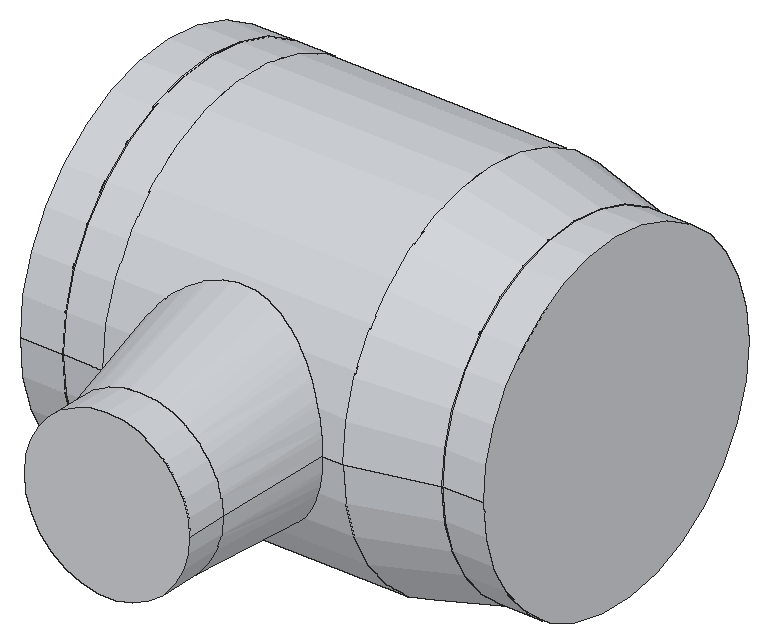
Revit family "M_Round Beveled Tee - DTL", category Duct Fittings, Revit 2014
Parameters (values of type "Standard")
  Tap Inset Label [instance] = 3048 mm + if(Tap Angle 1 < 90.00°, Tap Inset 1, if(Tap Angle 1 = 90.00°, Tap Inset 2, Tap Inset 3))  # 3138 mm
  Tap Inset 3 [instance] = if(Tap Angle 1 > 90.00°, (Tap Base Diameter 1 - Tap Base Center Radius) / sin(180.00° - Tap Angle 1) + Body Radius 1 / tan(180.00° - Tap Angle 1), 0 mm)  # 0 mm
  Tap Inset 2 [instance] = if(Tap Angle 1 = 90.00°, Tap Base Diameter 1 - Tap Base Center Radius, 0 mm)  # 90 mm
  Angle 1 [instance] = atan((Tap Base Center Diameter - Tap Base Diameter 1) / (Tap Length 1 - Tap Length))  # 14.9314°
  Tap Horizontal Profile Offset [instance] = Tap Base Center Radius - Tap Radius  # 50 mm
  Tap Inset 1 [instance] = if(Tap Angle 1 < 90.00°, Tap Base Center Diameter / 2 * sin(Tap Angle 1) + Tap Base Center Diameter / 2 * cos(Tap Angle 1) / tan(Tap Angle 1 - Angle 1) - Body Radius 1 / tan(Tap Angle 1 - Angle 1), 0 mm)  # 0 mm
  Length 1 [instance] = if(Tap Angle 1 < 90.00°, Tap Base Center Radius / tan(Tap Angle 1), if(Tap Angle 1 = 90.00°, 0 mm, (Tap Base Diameter - (Insertion Point Length * sin(180.00° - Tap Angle 1) + Tap Radius)) / tan(180.00° - Tap Angle 1)))  # 0 mm
  Tap Length 3 [instance] = Body Length 1 + Tap Inset  # 125 mm
  Tap Inset [instance] = 25 mm
  Tap Length 2 [instance] = Tap Length 1 + Tap Collar Length  # 425 mm
  Tap Diameter 3 [instance] = if(Tap Angle 1 > 90.00°, 2 * (Tap Base Diameter 1 / 2 + (Tap Base Diameter 1 - Tap Diameter) * Body Radius 1 / (2 * sin(180.00° - Tap Angle 1) * Tap Length) + Tap Base Diameter 1 * (Tap Base Diameter 1 - Tap Diameter) / (2 * tan(180.00° - Tap Angle 1) * Tap Length)) / (1 + (Tap Base Diameter 1 - Tap Diameter) / (2 * tan(180.00° - Tap Angle 1) * Tap Length)), 0 mm)  # 0 mm
  Tap Diameter 2 [instance] = if(Tap Angle 1 < 90.00°, 2 * (Tap Base Diameter 1 / 2 + (Tap Base Diameter 1 - Tap Diameter) * Body Radius 1 / (2 * sin(Tap Angle 1) * Tap Length)) / (1 - (Tap Base Diameter 1 - Tap Diameter) / (2 * tan(Tap Angle 1) * Tap Length)), 0 mm)  # 0 mm
  Tap Diameter 1 [instance] = if(Tap Angle 1 = 90.00°, Body Radius 1 * tan(atan((Tap Base Diameter 1 - Tap Diameter) / Tap Length)) + Tap Base Diameter 1, 0 mm)  # 300 mm
  Body Radius 1 [instance] = if(Radius In > Radius Out, if(not(Body Radius < Radius In), Body Radius, Radius In), if(not(Body Radius < Radius Out), Body Radius, Radius Out))  # 225 mm
  Tap Radius [instance] = 100 mm
  Radius Out [instance] = 200 mm
  Radius In [instance] = 225 mm
  Tap Offset From Center 2 [instance] = if(Tap Offset From Center = 0 mm, 1 mm, 0 mm)  # 1 mm
  Tap Offset From Center 1 [instance] = 3048 mm - Tap Offset From Center  # 3048 mm
  Tap Offset From Center [instance] = 0 mm
  Body Length 2 [instance] = Collar Out + Length Out 1  # 150 mm
  Length Out 1 [instance] = if(Length Out = 0 mm, 2 mm, Length Out)  # 100 mm
  Body Length 1 [instance] = Collar In + Length In 1  # 100 mm
  Length In 1 [instance] = if(Length In = 0 mm, 2 mm, Length In)  # 50 mm
  Collar Out [instance] = 50 mm
  Length Out [instance] = 100 mm
  Collar In [instance] = 50 mm
  Length In [instance] = 50 mm
  Tap Length 1 [instance] = Body Radius 1 / sin(Tap Angle 1) + Tap Length + Length 1  # 375 mm
  Tap Length [instance] = 150 mm
  Length [instance] = 290 mm
  Tap Diameter [instance] = Tap Radius * 2  # 200 mm
  Diameter Out [instance] = Radius Out * 2  # 400 mm
  Diameter In [instance] = Radius In * 2  # 450 mm
  Insertion Point Length [instance] = if(Tap Angle 1 = 90.00°, Tap Base Center Radius - Tap Radius, Tap Horizontal Profile Offset / sin(Tap Angle 1))  # 50 mm
  Tap Coarse Line Length [instance] = if(Tap Angle 1 = 90.00°, Tap Length 2, Tap Length 2 - Tap Horizontal Profile Offset / tan(Tap Angle 1))  # 425 mm
  Tap Collar Length [instance] = 50 mm
  Tap Base Radius 1 [instance] = if(Tap Base Radius > Tap Radius, Tap Base Radius, Tap Radius + 25 mm)  # 120 mm
  Body Radius [instance] = 225 mm
  Body Diameter [instance] = Body Radius * 2  # 450 mm
  Tap Base Radius [instance] = 120 mm
  Tap Base Diameter 1 [instance] = Tap Base Radius 1 * 2  # 240 mm
  Tap Base Diameter [instance] = Tap Base Radius * 2  # 240 mm
  Tap Base Center Radius [instance] = Tap Base Center Diameter / 2  # 150 mm
  Tap Base Center Diameter [instance] = if(Tap Angle 1 < 90.00°, abs(Tap Diameter 2), if(Tap Angle 1 = 90.00°, abs(Tap Diameter 1), abs(Tap Diameter 3)))  # 300 mm
  Tap Angle 1 [instance] = 90.00°
Reference planes
  plane 1 "Center (Front/Back)": y = 0
  plane 2: z = 0
  plane 3 "Center (Left/Right)": x = 0
  plane 4: x = -165
  plane 5: x = 125
  plane 6: x = -215
  plane 7: x = -265
  plane 8: x = 225
  plane 9: x = 275
  plane 10: z = -3048
  plane 11: z = 0
  plane 12: z = -1
  plane 13: x = -50
  plane 14: x = -140
  plane 15: x = -3188
  plane 16: x = -214.008
  plane 17: x = 224.008
Forms (mm)
  Sweep 1, solid, detail levels medium+fine
    path in 3D
      loop
        line (-265, 0, 0) -> (-214.008, 0, 0)
    profile origin (-239.504, 0, 0) x (0, 1, 0) y (0, 0, 1)
      loop
        circle (0, 0) r 225
  Sweep 2, solid, detail levels medium+fine
    path in 3D
      loop
        line (-165, 0, 0) -> (125, 0, 0)
    profile origin (-20, 0, 0) x (0, 1, 0) y (0, 0, 1)
      loop
        circle (0, 0) r 225
  Sweep 3, solid, detail levels medium+fine
    path in 3D
      loop
        line (224.008, 0, 0) -> (275, 0, 0)
    profile origin (249.504, 0, 0) x (0, 1, 0) y (0, 0, 1)
      loop
        circle (0, 0) r 200
  SweptBlend 4, solid, detail levels medium+fine
    path in 3D
      loop
        line (-50, 0, 0) -> (-50, -375, 0)
    profile "M_Duct - Round : Duct - Base Center Radius" origin (-50, 0, 0) x (1, 0, 0) y (0, 0, 1)
      loop
        circle (0, 0) r 150
    end profile "M_Duct - Round : Duct - Round" origin (-50, -375, 0) x (1, 0, 0) y (0, 0, 1)
      loop
        circle (50, 0) r 100
  Sweep 5, solid, detail levels medium+fine
    path in 3D
      loop
        line (-50, 0, 0) -> (-50, -425, 0)
    profile "M_Duct - Round : Duct - Round" origin (-50, -212.5, 0) x (1, 0, 0) y (0, 0, 1)
      loop
        circle (50, 0) r 100
  Blend 6, solid, detail levels medium+fine
    base sketch origin (0, 0, 0) x (0, 1, 0) y (0, 0, 1)
      loop
        circle (0, 0) r 225
    top sketch origin (0, 0, 0) x (0, 1, 0) y (0, 0, 1)
      loop
        circle (0, 0) r 225
    from -215 to -165
  Blend 7, solid, detail levels medium+fine
    base sketch origin (0, 0, 0) x (0, 1, 0) y (0, 0, 1)
      loop
        circle (0, 0) r 200
    top sketch origin (0, 0, 0) x (0, 1, 0) y (0, 0, 1)
      loop
        circle (0, 0) r 225
    from 225 to 125
Cuts and joins
  joined: Sweep 2, SweptBlend 4, Sweep 5, Blend 6, Blend 7
Lines and regions (mm)
  reference lines
    curve 1: line (-265, 0, 0) -> (-214.008, 0, 0)
    curve 2: line (224.008, 0, 0) -> (275, 0, 0)
    curve 3: line (-165, 0, 0) -> (125, 0, 0)
    curve 8: line (-50, 0, 0) -> (-50, -375, 0)
    curve 10: line (-50, 0, 0) -> (-50, -425, 0)
  sketch lines
    curve 4: line (-265, 0, 0) -> (-214.008, 0, 0)
    curve 5: line (-165, 0, 0) -> (125, 0, 0)
    curve 6: line (224.008, 0, 0) -> (275, 0, 0)
    curve 9: line (-50, 0, 0) -> (-50, -375, 0)
    curve 11: line (-50, 0, 0) -> (-50, -425, 0)
  model lines, detail levels coarse
    curve 7: line (0, 0, 0) -> (0, 0, -1)
    curve 12: line (0, 0, 0) -> (0, -425, 0)
    curve 13: line (-265, 0, 0) -> (275, 0, 0)
Dimensions and locks
  "Length": plane 4 to plane 5
  "Length In 1": plane 6 to plane 4
  "Body Length 1": plane 7 to plane 4
  "Length Out 1": plane 5 to plane 8
  "Body Length 2": plane 5 to plane 9
  locked: plane 2 to plane 10 at 3048
  "Tap Offset From Center 1": plane 11 to plane 10
  "Tap Offset From Center 2": plane 11 to plane 12
  "Tap Length 1": curve 8 to curve 8
  "Tap Length 3": plane 7 to plane 14
  locked: plane 15 to plane 14 at 3048
  "Tap Inset Label": plane 15 to plane 13
  "Tap Length 2": curve 10 to curve 10
  "Insertion Point Length": plane 13 to plane 3 "Center (Left/Right)"
  "Tap Coarse Line Length": curve 12 to curve 12
  locked: plane 6 to plane 16 at 0.992
  locked: plane 17 to plane 8 at 0.992
  "Radius In": radius of Sweep 1 sketch curve
  "Body Radius 1": radius of Sweep 2 sketch curve
  "Radius Out": radius of Sweep 3 sketch curve
  "Radius In": radius of Blend 6 sketch curve
  "Body Radius 1": radius of Blend 6 sketch curve
  "Radius Out": radius of Blend 7 sketch curve
  "Body Radius 1": radius of Blend 7 sketch curve
  "Tap Angle 1": angle curve 8 to plane 1 "Center (Front/Back)"
  "Tap Angle 1": angle curve 10 to plane 1 "Center (Front/Back)"
  "Tap Angle 1": angle curve 12 to plane 1 "Center (Front/Back)"
  aligned and locked: plane 7 to curve 1
  aligned and locked: plane 1 "Center (Front/Back)" to curve 1
  aligned and locked: plane 9 to curve 2
  aligned and locked: plane 1 "Center (Front/Back)" to curve 2
  aligned and locked: plane 5 to curve 3
  aligned and locked: plane 1 "Center (Front/Back)" to curve 3
  aligned and locked: plane 2 to curve 7
  aligned and locked: plane 12 to curve 7
  aligned and locked: curve 7 to plane 1 "Center (Front/Back)"
  aligned and locked: plane 1 "Center (Front/Back)" to curve 8
  aligned and locked: plane 13 to curve 10
  aligned and locked: plane 1 "Center (Front/Back)" to curve 12
  aligned and locked: plane 3 "Center (Left/Right)" to curve 12
  aligned and locked: plane 9 to curve 13
  aligned and locked: plane 7 to curve 13
  aligned and locked: plane 1 "Center (Front/Back)" to curve 13
  aligned and locked: Blend 6 to plane 6
  aligned and locked: plane 4 to Blend 6
  aligned and locked: plane 5 to Blend 7
  aligned and locked: plane 8 to Blend 7
  aligned and locked: plane 17 to curve 2
  aligned and locked: plane 16 to curve 1
Automatic sketch dimensions
  Sweep 1 sketch curve to profile plane = 0 mm  (x2)
  Sweep 2 sketch curve to profile plane = 0 mm  (x2)
  Sweep 3 sketch curve to profile plane = 0 mm  (x2)
  Blend 6 sketch curve to level = 0 mm  (x2)
  Blend 6 sketch curve to plane 1 "Center (Front/Back)" = 0 mm  (x2)
  Blend 7 sketch curve to level = 0 mm  (x2)
  Blend 7 sketch curve to plane 1 "Center (Front/Back)" = 0 mm  (x2)
  curve 3 to plane 4 = 0 mm
Connectors
  hvac at (-265, 0, 0), driven by "Radius In"
    settings: on Sweep 1, index 1, duct flow 0.0 L/s, flow factor 0, pres drop 0.0 Pa, loss coef 0, conn angle 0.00°, conn width 304.8 mm, conn height 304.8 mm, conn diameter 450 mm, duct sys type 28, conn prof type 0, flow config 0, flow direction 0, loss method 0, conn ref index 2, conn util no, is conn primary yes, conn desc ""
  hvac at (275, 0, 0), driven by "Radius Out"
    settings: on Sweep 3, index 2, duct flow 0.0 L/s, flow factor 0, pres drop 0.0 Pa, loss coef 0, conn angle 0.00°, conn width 304.8 mm, conn height 304.8 mm, conn diameter 400 mm, duct sys type 28, conn prof type 0, flow config 0, flow direction 0, loss method 0, conn ref index 1, conn util no, is conn primary no, conn desc ""
  hvac at (0, -425, 0), driven by "Tap Radius", driven by "Tap Angle 1"
    settings: on Sweep 5, index 3, duct flow 0.0 L/s, flow factor 0, pres drop 0.0 Pa, loss coef 0, conn angle 90.00°, conn width 304.8 mm, conn height 304.8 mm, conn diameter 200 mm, duct sys type 28, conn prof type 0, flow config 0, flow direction 0, loss method 0, conn ref index -1, conn util no, is conn primary no, conn desc ""
